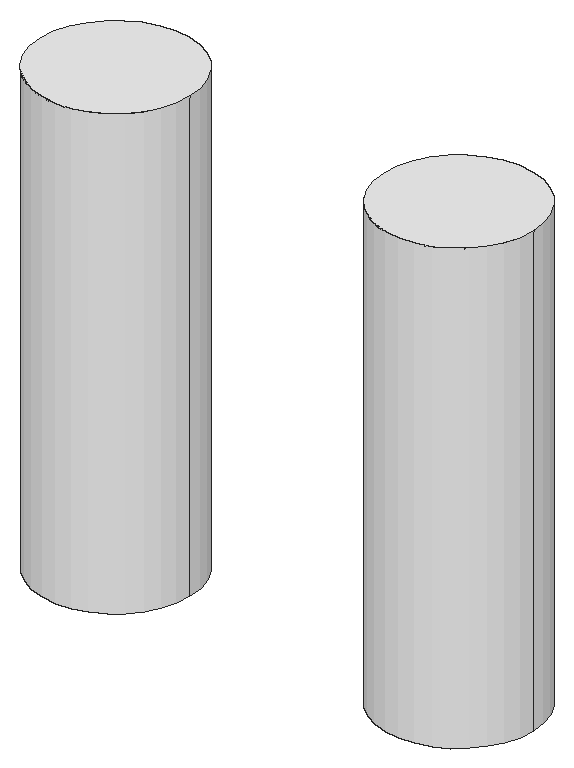
Revit family "55472203(2022)", category Plumbing Fixtures, Revit 2020
Family settings
  Round Connector Dimension = Use Diameter
  Part Type = Normal
  OmniClass Number = 23.45.55.00
  OmniClass Title = Sanitary Faucets, Wastes
  Work Plane-Based = No
  Always vertical = Yes
  Cut with Voids When Loaded = No
  Shared = No
  Room Calculation Point = No
Parameters (values of type "55472203 High washbasin faucet ")
  Working Pressure = "50 - 1000 kPa"
  WarrantyStartDate [instance] = "n/a"
  WarrantyGuarantorParts = "n/a"
  WarrantyGuarantorLabor = "n/a"
  WarrantyDurationUnit = "Year"
  WarrantyDurationParts = "n/a"
  WarrantyDurationLabor = "n/a"
  WarrantyDescription = "http://warranty.hansa.com"
  Warranty Information URL = "http://warranty.hansa.com"
  VersionDate = "01/06/2023"
  Version = "1"
  ValvePattern = "n/a"
  ValveOperation = "n/a"
  ValveMechanism = "n/a"
  Uniclass2015Reference = "Pr_40_20_87_96"
  Uniclass2015Description = "Washbasin manual water supply sets"
  Uniclass2 = "Pr_40_30_96_96"
  URL UWL = "http://static.hansa.com/UWL/55472203"
  URL REACH = "http://static.hansa.com/doc/reach"
  URL EcoLabel Declaration = "http://static.hansa.com/doc/EcoLabel"
  URL EU Packaging Declaration = "http://static.hansa.com/doc/packaging"
  URL Declaration of SCIP = "http://static.hansa.com/doc/SCIP"
  URL Declaration of Conformity = "http://static.hansa.com/DoC/55472203"
  URL Declaration of Asbestos = "http://static.hansa.com/doc/asbestos"
  URL Declaration Of Performance (DOP) = "http://static.hansa.com/doc/DoP"
  URL DVGW = "http://static.hansa.com/DVGW/55472203"
  URL ABP = "http://static.hansa.com/ABP/55472203"
  URL = ""
  UNSPSC Class Number = "30181700 Faucets or taps"
  Type Comments = ""
  TestPressure = "n/a"
  Technical DataSheet URL = "http://www.hansa.com/datasheet/55472203/en"
  TagNumber [instance] = "n/a"
  SustainabilityPerformance = "n/a"
  Surface treatment = "Chrome"
  Spout Type = "Fixed spout"
  Spout Projection = "150 mm"
  Spare-Part Information URL = "http://static.hansa.com/sp/55472203"
  Size = "50x190x265 mm"
  Shape = "Sculptured"
  SerialNumber [instance] = "n/a"
  Sales Package dimensions (LxWxH) = "430 x 260 x 75"
  Revision = "n/a"
  ReplacementCost = "n/a"
  ProductInformation = "n/a"
  Product URL = "http://static.hansa.com/55472203"
  Product Image URL = "http://static.hansa.com/image/55472203"
  Product Family = "5160 "
  Product Code = "55472203"
  OperatingMechanismMaterial = "n/a"
  NominalWidth = 47.158 mm
  NominalHeight = 263.104 mm
  NominalDepth = 187.494 mm
  Noise Class = "I (ISO 3822)"
  Name_en = "55472203 High washbasin faucet"
  Name = "55472203 High washbasin faucet"
  NBSReference = "45-35-70/371"
  NBSDescription = "Water supply fittings for wash basins and troughs"
  Mounting Holes = "1 hole"
  ModelReference = "55472203"
  ModelNumber = "n/a"
  Model = "55472203 High washbasin faucet"
  Mobile Product Information URL = "http://mpi.hansa.com/55472203"
  Mechanical Parts = "ø 35 mm ceramic cartridge for flow and temperature control"
  Max. Hot Water Supply = 70 °C
  Material = "Brass"
  Market = "Austria;Czech Republic;Germany;International;Italy;Slovakia"
  ManufacturerURL = "http://www.hansa.com"
  ManufacturerName = "HANSA"
  Manufacturer = "HANSA"
  Lever Handle = "Hot/Cold symbols;Single operating lever/handle"
  Keynote = ""
  Interactive AR View URL = "https://static.hansa.com/AR/55472203"
  InstallationDate [instance] = "n/a"
  Installation and Maintenance Guide URL = "http://static.hansa.com/manual/55472203"
  Installation Type = "Deck mounted"
  InletConnectionSize = 10 mm
  IfcExportType = "FAUCET"  # constant formula
  IfcExportAs = "IfcValveType"  # constant formula
  Group = "Washbasin faucet"
  Grade = "n/a"
  FlowCoefficient = 0
  Flow Rate At 300kPa With Flow Controller = 0.08 L/s
  Flow Drawing URL = "http://static.hansa.com/flowchart/55472203"
  Finish = "Polished"
  Features = "Single-lever"
  FaucetMainMaterial = Brass
  FDV Document URL = "http://www.hansa.com/datasheet/55472203/en/fdv"
  ExpectedLife = "n/a"
  Excluded Items = "Without pop-up waste;Without draw-rod opening"
  ETIM Class Number = "EC011328 Washbasin mixing tap"
  EN Standard = "EN 817"
  EAN Number = "4057304019043"
  DurationUnit = "Year"
  Dimension Drawing URL = "http://static.hansa.com/dimdrw/55472203"
  Description = ""
  DefaultElevation [instance] = 900 mm
  Default Elevation = 0 mm
  Constituents = "n/a"
  Connection Size = "G3/8"
  Connection = "Flexible inlet pipes"
  Color = "Chrome"
  CodePerformance = "n/a"
  CloseOffRating = 0
  Category = "Washbasin"
  Catalog Drawing URL = "http://static.hansa.com/catdrw/55472203"
  Brand = "HANSA"
  BodyMaterial = "Brass"
  Barcode [instance] = "n/a"
  Backflow Prevention EN1717 = "AA"
  BIMObjectName = "55472203(2022)"
  Author = "BIMStone"
  AssetType = "Fixed"
  AssetIdentifier [instance] = "n/a"
  Approval DVGW = "DW-6506DO0165"
  Approval ABP = "PA-IX 10072/IO"
  Aerator = "PCA® - constant flow rate regardless of pressure variations"
  AccessibilityPerformance = "n/a"
  3D View = "https://static.hansa.com/AR/55472203"
  2D/3D/BIM Files URL = "http://static.hansa.com/bim/55472203"
Reference planes
  plane 1 "Center (Front/Back)": y = 0
  plane 2: z = 0
  plane 3 "Center (Left/Right)": x = 0
  plane 4: x = -23.579
  plane 5: z = 900
  plane 6: z = 870
  plane 7: y = -187.494
  plane 8: x = 23.579
  plane 9: z = 1163.104
Forms (mm)
  Extrusion 1, solid, material "Brass" <- "FaucetMainMaterial"
    sketch origin (0, -2.393, 0) x (1, 0, 0) y (0, 1, 0)
      loop
        circle (-11.5, -22.5) r 5
      loop
        circle (11.5, -22.5) r 5
    from 870 to 900
Dimensions and locks
  "DefaultElevation": plane 5 to level
  locked: plane 5 to plane 6 at 30
  "NominalDepth": plane 7 to plane 1 "Center (Front/Back)"
  equal spacing: plane 4, plane 3 "Center (Left/Right)", plane 8
  "NominalHeight": plane 9 to plane 5
  "NominalWidth": plane 4 to plane 8
  "InletConnectionSize": diameter of Extrusion 1 sketch curve  (x2)
  aligned and locked: level to plane 2
  aligned and locked: plane 5 to Extrusion 1
  aligned and locked: Extrusion 1 to plane 6
  aligned and locked: plane 1 "Center (Front/Back)" to nested 2
  aligned and locked: plane 3 "Center (Left/Right)" to nested 2
  aligned and locked: plane 3 "Center (Left/Right)" to nested 1
  aligned and locked: plane 1 "Center (Front/Back)" to nested 1
  aligned and locked: plane 5 to nested 2
Automatic sketch dimensions
  Extrusion 1 sketch curve to plane 3 "Center (Left/Right)" = 11.5 mm
  plane 3 "Center (Left/Right)" to Extrusion 1 sketch curve = 11.5 mm
  plane 1 "Center (Front/Back)" to Extrusion 1 sketch curve = 24.893 mm  (x2)
Nested families
  nested 1: "Symbol" at (0, 0, 0), type "Symbol", detail levels coarse
  nested 2: "55472203_Body" at (0, 0, 900), Material <- "FaucetMainMaterial", type "55472203_Body"
    with Material Brass
Connectors
  piping at (-11.5, -24.893, 870), diameter 10, driven by "InletConnectionSize"
    settings: on Extrusion 1, index 1, connector inside diameter 609.6 mm, connector length 0 mm, flow factor 0, pipe flow 0.08 L/s, pressure drop 0.0 Pa, fitting loss kfactor 0, connector angle 0.00°, fixture units 0, engagement length 0 mm, angle of deflection 0.00°, flow configuration 1, flow direction 1, fitting loss method 0, system type 19, joint type 0, gender type 0, connector reference index -1, connector utility 0, adjustable connector no, is connector primary yes, connector description ""
  piping at (11.5, -24.893, 870), diameter 10, driven by "InletConnectionSize"
    settings: on Extrusion 1, index 2, connector inside diameter 609.6 mm, connector length 0 mm, flow factor 0, pipe flow 0.08 L/s, pressure drop 0.0 Pa, fitting loss kfactor 0, connector angle 0.00°, fixture units 0, engagement length 0 mm, angle of deflection 0.00°, flow configuration 1, flow direction 1, fitting loss method 0, system type 20, joint type 0, gender type 0, connector reference index -1, connector utility 0, adjustable connector no, is connector primary no, connector description ""
Definition of nested family "Symbol"
  Reference planes
    plane 1: y = 0
    plane 2: x = 0
  Lines and regions (mm)
    detail lines
      curve 1: line (0, 0, 0) -> (0, -1.8, 0)
      curve 2: line (-0.4, -1.1, 0) -> (0.4, -1.1, 0)
      curve 3: line (-0.4, -1.4, 0) -> (0.4, -1.4, 0)
      curve 4: line (0.863, 0, 0) -> (-0.863, 0, 0)
      curve 5: circle (-1.163, 0, 0) r 0.3 normal (0, 0, -1)
      curve 6: circle (1.163, 0, 0) r 0.3 normal (0, 0, 1)
Definition of nested family "55472203_Body"
  Parameters (values of type "55472203_Body")
    Material [instance] = none
    Default Elevation = 0 mm
  Reference planes
    plane 1 "Center (Front/Back)": y = 0
    plane 2: z = 0
    plane 3 "Center (Left/Right)": x = 0
    plane 4: z = 263.104
    plane 5: y = -187.494
    plane 6: x = -23.579
    plane 7: x = 23.579
  Forms (mm)
    Revolve 1, solid, material <- "Material", detail levels medium
      sketch origin (0, 0, 0) x (0, 1, 0) y (0, 0, 1)
        loop
          line (0, 0) -> (-1.67, 263.104) -> (-24.744, 263.104) -> (-24.744, 0) -> (0, 0)
        axis (-24.744, 0) -> (-24.744, 263.104)
      angle from 0 to 360
    Extrusion 2, solid, material <- "Material", detail levels medium
      sketch origin (0, 0, 141) x (0, 1, 0) y (0, 0, 1)
        loop
          line (-25.682, 117.297) -> (-25.682, 122.104) -> (-110.75, 122.104)
          arc (-110.75, 122.104) -> (-111.943, 121.076) -> (-111.103, 119.744) r 1.206
          line (-111.103, 119.744) -> (-103.108, 117.297) -> (-25.682, 117.297)
      from -22 to 22
    Extrusion 3, solid, material <- "Material", detail levels medium
      sketch origin (0, 0, 140.6) x (0, 1, 0) y (0, 0, 1)
        loop
          line (-23.504, 69.475) -> (-23.504, 89.465) -> (-186.334, 89.465)
          arc (-186.334, 89.465) -> (-187.154, 89.126) -> (-187.494, 88.305) r 1.16
          line (-187.494, 88.305) -> (-187.494, 86.465) -> (-158.067, 69.475) -> (-23.504, 69.475)
      from -20 to 20
    Revolve 4, solid, material <- "Material", detail levels medium
      sketch origin (0, -48.994, 141) x (0, 1, 0) y (0, 0, 1)
        loop
          line (-124.264, 69.526) -> (-113.922, 63.556) -> (-108.864, 72.317) -> (-119.206, 78.288) -> (-124.264, 69.526)
        axis (-124.264, 69.526) -> (-119.206, 78.288)
      angle from 0 to 360
    Extrusion 5, solid, material <- "Material", detail levels coarse
      sketch origin (0, 0, 0) x (1, 0, 0) y (0, 1, 0)
        loop
          line (-23.579, 0) -> (-23.579, -187.494) -> (23.579, -187.494) -> (23.579, 0) -> (-23.579, 0)
      from 0 to 263.104
  Cuts and joins
    joined: Revolve 1, Extrusion 2, Extrusion 3, Revolve 4
  Lines and regions (mm)
    symbolic lines, detail levels medium+fine
      curve 1: line (0, 0, 0) -> (0, -47.042, 0)
      curve 2: line (0, -47.042, 0) -> (0, -45.375, 174.741)
      curve 4: line (0, -2.732, 230.065) -> (0, -6.367, 240.052)
      curve 6: line (0, -45.682, 232.065) -> (0, -43.74, 232.065)
      curve 8: line (0, -45.682, 250.897) -> (0, -45.682, 232.065)
      curve 9: line (0, -1.349, 243.046) -> (0, -1.657, 261.138)
      curve 10: line (0, -3.657, 263.104) -> (0, -110.761, 263.104)
      curve 11: line (0, -52.682, 257.897) -> (0, -103.108, 257.897)
      curve 12: line (0, -111.17, 260.365) -> (0, -103.108, 257.897)
      curve 13: arc (0, -110.761, 263.104) -> (0, -112.145, 261.911) -> (0, -111.17, 260.365) r 1.4
      curve 14: arc (0, -45.682, 250.897) -> (0, -47.733, 255.847) -> (0, -52.682, 257.897) r 7
      curve 15: arc (0, -1.657, 261.138) -> (0, -2.255, 262.53) -> (0, -3.657, 263.104) r 2
      curve 16: arc (0, -1.927, 242.123) -> (0, -1.501, 242.499) -> (0, -1.349, 243.046) r 1
      curve 17: line (0, -80.373, 210.075) -> (0, -158.06, 210.075)
      curve 18: line (0, -187.488, 227.065) -> (0, -179.837, 222.648)
      curve 19: line (0, -187.488, 227.065) -> (0, -187.488, 228.905)
      curve 20: arc (0, -186.328, 230.065) -> (0, -187.148, 229.726) -> (0, -187.488, 228.905) r 1.16
      curve 21: line (0, -163.739, 204.631) -> (0, -182.777, 215.622)
      curve 22: line (0, -181.206, 220.277) -> (0, -179.837, 222.648)
      curve 23: line (0, -160.508, 208.327) -> (0, -159.139, 210.698)
      curve 25: line (0, -181.206, 220.277) -> (0, -180.852, 218.956)
      curve 26: line (0, -180.852, 218.956) -> (0, -182.777, 215.622)
      curve 27: line (0, -160.508, 208.327) -> (0, -161.805, 207.98)
      curve 28: line (0, -161.805, 207.98) -> (0, -163.739, 204.631)
      curve 29: line (0, -159.139, 210.698) -> (0, -158.06, 210.075)
      curve 31: line (0, -44.276, 230.065) -> (0, -43.74, 232.065)
      curve 32: line (0, 0, 0) -> (0, -2.004, 230.065)
      curve 33: line (0, -6.367, 240.052) -> (0, -1.927, 242.123)
      curve 34: line (0, -44.276, 230.065) -> (0, -186.328, 230.065)
      curve 36: line (-23.579, 0, 0) -> (-21.706, 0, 228.939)
      curve 37: arc (-21.706, 0, 228.939) -> (-21.363, 0, 229.735) -> (-20.562, 0, 230.065) r 1.15
      curve 38: line (-20.562, 0, 230.065) -> (-20.207, 0, 232.076)
      curve 39: line (-20.207, 0, 232.076) -> (-22.236, 0, 232.076)
      curve 40: line (-22.236, 0, 232.076) -> (-21.787, 0, 261.493)
      curve 41: line (0, 0, 263.104) -> (-20.518, 0, 262.764)
      curve 42: arc (-20.518, 0, 262.764) -> (-21.409, 0, 262.386) -> (-21.787, 0, 261.493) r 1.29
      curve 49: arc (21.706, 0, 228.939) -> (21.363, 0, 229.735) -> (20.562, 0, 230.065) r 1.15
      curve 50: line (20.562, 0, 230.065) -> (20.207, 0, 232.076)
      curve 51: line (20.207, 0, 232.076) -> (22.236, 0, 232.076)
      curve 52: line (22.236, 0, 232.076) -> (21.787, 0, 261.493)
      curve 53: line (0, 0, 263.104) -> (20.518, 0, 262.764)
      curve 54: arc (20.518, 0, 262.764) -> (21.409, 0, 262.386) -> (21.787, 0, 261.493) r 1.29
      curve 57: line (-23.579, 0, 0) -> (23.579, 0, 0)
      curve 63: arc (21.853, -32.435, 0) -> (19.555, -10.404, 0) -> (0, 0, 0) r 23.579
      curve 64: line (-21.853, -173.494, 0) -> (-21.853, -32.435, 0)
      curve 65: line (21.853, -173.494, 0) -> (21.853, -32.435, 0)
      curve 66: line (7.853, -187.494, 0) -> (-7.853, -187.494, 0)
      curve 67: arc (-7.853, -187.494, 0) -> (-17.752, -183.394, 0) -> (-21.853, -173.494, 0) r 14
      curve 68: arc (21.853, -173.494, 0) -> (17.752, -183.394, 0) -> (7.853, -187.494, 0) r 14
      curve 75: arc (0, 0, 0) -> (-19.555, -10.404, 0) -> (-21.853, -32.435, 0) r 23.579
      curve 76: line (0, -2.732, 230.065) -> (0, -2.004, 230.065)
      curve 77: arc (0, -80.373, 210.075) -> (0, -55.507, 199.706) -> (0, -45.375, 174.741) r 35
      curve 78: line (23.579, 0, 0) -> (21.706, 0, 228.939)
    symbolic lines, detail levels fine
      curve 3: line (0, -44.276, 230.065) -> (0, -2.732, 230.065)
      curve 5: line (0, -22.289, 232.628) -> (0, -6.367, 240.052)
      curve 7: arc (0, -24.824, 232.065) -> (0, -23.526, 232.208) -> (0, -22.289, 232.628) r 6
      curve 24: line (0, -160.508, 208.327) -> (0, -181.206, 220.277)
      curve 30: line (0, -179.837, 222.648) -> (0, -159.139, 210.698)
      curve 35: line (0, -43.74, 232.065) -> (0, -24.824, 232.065)
      curve 43: line (0, 0, 257.897) -> (-17.265, 0, 257.897)
      curve 44: arc (-17.265, 0, 257.897) -> (-20.154, 0, 258.906) -> (-21.787, 0, 261.493) r 4.641
      curve 45: spline (11.975, 0, 210.693) -> (11.567, 0, 209.044) -> (10.371, 0, 207.507) -> (8.468, 0, 206.187) -> (5.988, 0, 205.174) -> (3.099, 0, 204.537) -> (0, 0, 204.32) -> (-3.099, 0, 204.537) -> (-5.988, 0, 205.174) -> (-8.468, 0, 206.187) -> (-10.371, 0, 207.507) -> (-11.567, 0, 209.044) -> (-11.975, 0, 210.693) -> (-11.567, 0, 212.343) -> (-10.371, 0, 213.88) -> (-8.468, 0, 215.2) -> (-5.988, 0, 216.212) -> (-3.099, 0, 216.849) -> (0, 0, 217.066) -> (3.099, 0, 216.849) -> (5.988, 0, 216.212) -> (8.468, 0, 215.2) -> (10.371, 0, 213.88) -> (11.567, 0, 212.343) -> (11.975, 0, 210.693)
      curve 46: line (-11.975, 0, 210.693) -> (-11.975, 0, 216.646)
      curve 47: spline (-11.975, 0, 216.646) -> (-11.567, 0, 218.295) -> (-10.371, 0, 219.832) -> (-8.468, 0, 221.152) -> (-5.988, 0, 222.165) -> (-3.099, 0, 222.801) -> (0, 0, 223.019) -> (3.099, 0, 222.801) -> (5.988, 0, 222.165) -> (8.468, 0, 221.152) -> (10.371, 0, 219.832) -> (11.567, 0, 218.295) -> (11.975, 0, 216.646)
      curve 48: line (11.975, 0, 210.693) -> (11.975, 0, 216.646)
      curve 55: line (0, 0, 257.897) -> (17.265, 0, 257.897)
      curve 56: arc (17.265, 0, 257.897) -> (20.154, 0, 258.906) -> (21.787, 0, 261.493) r 4.641
      curve 58: line (-20.562, 0, 230.065) -> (20.562, 0, 230.065)
      curve 59: line (20.207, 0, 232.076) -> (-20.207, 0, 232.076)
      curve 60: spline (20.24, 0, 219.958) -> (19.55, 0, 221.732) -> (17.528, 0, 223.385) -> (14.312, 0, 224.805) -> (10.12, 0, 225.894) -> (5.238, 0, 226.579) -> (0, 0, 226.813) -> (-5.238, 0, 226.579) -> (-10.12, 0, 225.894) -> (-14.312, 0, 224.805) -> (-17.528, 0, 223.385) -> (-19.55, 0, 221.732) -> (-20.24, 0, 219.958)
      curve 61: arc (-20.24, 0, 219.958) -> (-17.874, 0, 213.75) -> (-11.975, 0, 210.693) r 9.326
      curve 62: arc (20.24, 0, 219.958) -> (17.874, 0, 213.75) -> (11.975, 0, 210.693) r 9.326
      curve 69: line (6.853, -112.088, 0) -> (-6.853, -112.088, 0)
      curve 70: arc (-21.853, -97.088, 0) -> (-17.459, -107.695, 0) -> (-6.853, -112.088, 0) r 15
      curve 71: arc (6.853, -112.088, 0) -> (17.459, -107.695, 0) -> (21.853, -97.088, 0) r 15
      curve 72: arc (-21.853, -23.357, 0) -> (0, -1.504, 0) -> (21.853, -23.357, 0) r 21.853
      curve 73: line (-21.853, -32.435, 0) -> (-21.853, -23.357, 0)
      curve 74: line (21.853, -32.435, 0) -> (21.853, -23.357, 0)
  Dimensions and locks
    aligned and locked: level to plane 2
